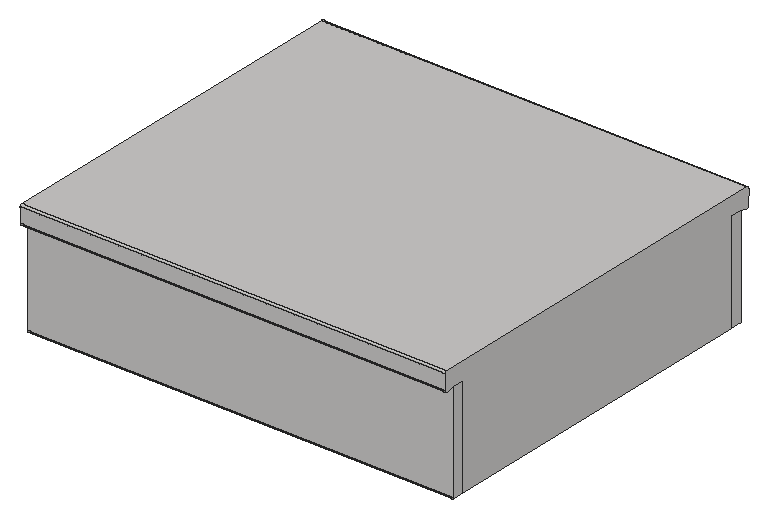
Revit family "QF_ELECTROLUXPROFESSIONAL_588118_MANABAIOOO", category Specialty Equipment, Revit 2018
Family settings
  Round Connector Dimension = Use Diameter
  Part Type = Normal
  Work Plane-Based = No
  Always vertical = Yes
  Cut with Voids When Loaded = No
  Shared = No
  Room Calculation Point = No
Parameters
  Weight in Pounds = 48.5
  URL Cutsheet = "www.electrolux.com/professional"
  URL = "www.electrolux.com/professional"
  Type Mark [instance] = ""
  Status [instance] = ""
  Specification by User [instance] = ""
  Specification by Manufacturer = ""
  Serial Number = ""
  Seismic Rating = ""
  SMACNA No = ""
  Revision Code [instance] = ""
  Omniclass Number and Title = ""
  NAFEM Spec ID Number = ""
  Model = "588118"
  Masterspec = ""
  Manufacturer = "ELECTROLUX"
  Item Number [instance] = ""
  Installed By [instance] = ""
  Identify Quantity as Lot [instance] = yes
  Furnished By [instance] = ""
  Foodservice Equipment Identifier [instance] = yes
  Direct Waste Size = 0"
  Description = "CLOSED WORK TOP,1-SIDE,900X800X250H"
  CSI MasterFormat = ""
  CSI Master Format = ""
Reference planes
  plane 1 "BACK": y = 0
  plane 2: z = 0
  plane 3 "LEFT": x = 0
  plane 4 "RIGHT": x = 900
  plane 5 "FRONT": y = -800
  plane 6 "TOP": z = 250
  plane 7 "Center Y": x = 450
  plane 8 "Center X": y = -400
Forms (mm)
  Extrusion 1, solid, material "QF_Finishes_Stainless Steel"
    sketch origin (0, 50.048, 0) x (0, 1, 0) y (0, 0, 1)
      loop
        line (-95.048, 213) -> (-71.412, 213) -> (-54.743, 210.061)
        arc (-54.743, 210.061) -> (-51.477, 210.936) -> (-50.048, 214) r 4
        line (-50.048, 214) -> (-50.048, 246)
        arc (-50.048, 246) -> (-51.22, 248.828) -> (-54.048, 250) r 4
        line (-54.048, 250) -> (-846.048, 250)
        arc (-846.048, 250) -> (-848.877, 248.828) -> (-850.048, 246) r 4
        line (-850.048, 246) -> (-850.048, 214)
        arc (-850.048, 214) -> (-848.619, 210.936) -> (-845.353, 210.061) r 4
        line (-845.353, 210.061) -> (-828.509, 213) -> (-805.048, 213) -> (-805.048, 0) -> (-95.048, 0) -> (-95.048, 213)
    from 0 to 900
  Extrusion 2, solid, material "QF_Finishes_Stainless Steel"
    sketch origin (0, 50.048, 0) x (0, 1, 0) y (0, 0, 1)
      loop
        arc (-828.048, 213) -> (-829.462, 212.414) -> (-830.048, 211) r 2
        line (-830.048, 211) -> (-830.048, 2)
        arc (-830.048, 2) -> (-829.462, 0.586) -> (-828.048, 0) r 2
        line (-828.048, 0) -> (-805.048, 0) -> (-805.048, 213) -> (-828.048, 213)
      loop
        line (-72.048, 213) -> (-95.048, 213) -> (-95.048, 0) -> (-72.048, 0)
        arc (-72.048, 0) -> (-70.634, 0.586) -> (-70.048, 2) r 2
        line (-70.048, 2) -> (-70.048, 211)
        arc (-70.048, 211) -> (-70.634, 212.414) -> (-72.048, 213) r 2
    from 0 to 900
Lines and regions (mm)
  symbolic lines
    curve 1: line (0, 0, 0) -> (900, 0, 0)
    curve 2: line (0, -800, 0) -> (0, 0, 0)
    curve 3: line (900, -800, 0) -> (0, -800, 0)
    curve 4: line (900, 0, 0) -> (900, -800, 0)
Dimensions and locks
  equal spacing: plane 3 "LEFT", plane 7 "Center Y", plane 4 "RIGHT"
  plane 3 "LEFT" to plane 4 "RIGHT" = 900.00 mm
  equal spacing: plane 5 "FRONT", plane 8 "Center X", plane 1 "BACK"
  plane 5 "FRONT" to plane 1 "BACK" = 800.00 mm
  plane 6 "TOP" to level = 250.00 mm
  aligned and locked: level to plane 2
  aligned and locked: Extrusion 1 to plane 4 "RIGHT"
  aligned and locked: Extrusion 2 to plane 4 "RIGHT"
Automatic sketch dimensions
  Extrusion 1 sketch curve to plane 6 "TOP" = 0.00 mm
  Extrusion 1 sketch curve to level = 0.00 mm
  Extrusion 1 sketch curve to plane 6 "TOP" = 36.00 mm
  plane 5 "FRONT" to Extrusion 1 sketch curve = 0.00 mm
  Extrusion 1 sketch curve to plane 6 "TOP" = 39.939 mm
  Extrusion 1 sketch curve to Extrusion 1 sketch curve = 4.00 mm
  Extrusion 1 sketch curve to Extrusion 1 sketch curve = 4.695 mm  (x2)
  Extrusion 1 sketch curve to Extrusion 1 sketch curve = 16.844 mm
  Extrusion 1 sketch curve to plane 5 "FRONT" = 45.00 mm
  plane 1 "BACK" to Extrusion 1 sketch curve = 45.00 mm
  Extrusion 1 sketch curve to Extrusion 1 sketch curve = 23.636 mm
  Extrusion 1 sketch curve to Extrusion 1 sketch curve = 17.364 mm
  Extrusion 1 sketch curve to Extrusion 1 sketch curve = 21.364 mm
  Extrusion 1 sketch curve to Extrusion 1 sketch curve = 0.00 mm  (x2)
  Extrusion 1 sketch curve to Extrusion 1 sketch curve = 0.695 mm
  Extrusion 1 sketch curve to plane 6 "TOP" = 37.00 mm  (x2)
  Extrusion 1 sketch curve to Extrusion 1 sketch curve = 1.00 mm
  Extrusion 2 sketch curve to level = 0.00 mm  (x2)
  level to Extrusion 2 sketch curve = 2.00 mm  (x2)
  Extrusion 2 sketch curve to plane 5 "FRONT" = 20.00 mm
  Extrusion 2 sketch curve to Extrusion 2 sketch curve = 2.00 mm
  Extrusion 2 sketch curve to Extrusion 2 sketch curve = 23.00 mm
  plane 1 "BACK" to Extrusion 2 sketch curve = 45.00 mm
  plane 1 "BACK" to Extrusion 2 sketch curve = 22.00 mm  (x2)
  Extrusion 2 sketch curve to plane 6 "TOP" = 39.00 mm  (x2)
  curve 3 to plane 3 "LEFT" = 0.00 mm
  curve 3 to plane 4 "RIGHT" = 0.00 mm
  plane 1 "BACK" to curve 2 = 0.00 mm
  curve 4 to plane 5 "FRONT" = 0.00 mm
